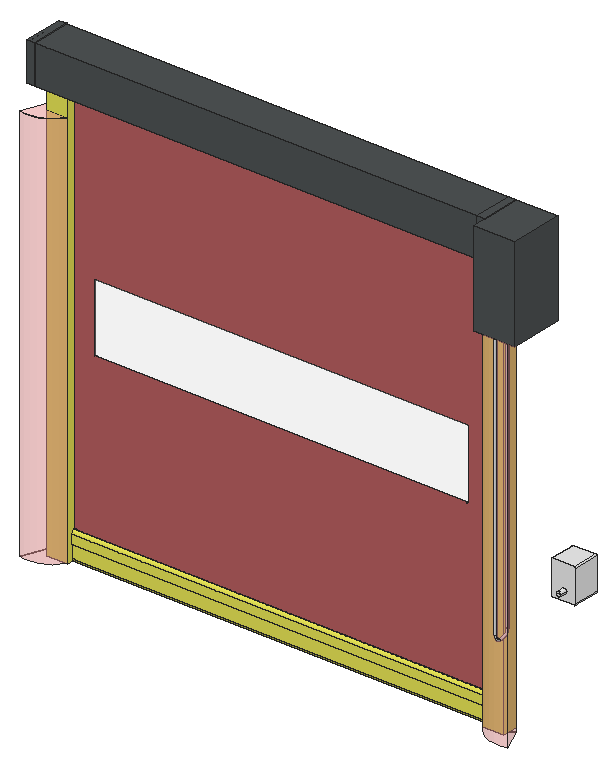
Revit family "Doors_Industrial_Wayne-Dalton_High-Speed-Interior-Fabric-Doors-Model-881-ADV-Xtreme_туц", category Specialty Equipment, host Wall, Revit 2019
Family settings
  Host = Wall
  Round Connector Dimension = Use Diameter
  Part Type = Normal
  OmniClass Number = 23.30.10.21.34
  OmniClass Title = Industrial Doors
  Always vertical = Yes
  Cut with Voids When Loaded = No
  Shared = No
  Room Calculation Point = No
Parameters (values of type "115 volts, one phase, 60 Hz (110-120V range)")
  Windows Off [instance] = not(Vision Panels)  # no
  Vision Panels [instance] = yes
  True Width [instance] = [Door Width (Real)]  # 10' - 0"
  True Height [instance] = [Door Height (Real)]  # 10' - 0"
  Three Phase Controller [instance] = not(One Phase Controller)  # no
  Rough Width [instance] = [Door Width (Real)]  # 10' - 0"
  Rough Height [instance] = [Door Height (Real)] - 0' 4 1/2"  # 9' - 7 1/2"
  Product Page URL = "https://www.wayne-dalton.com/high-speed-interior-fabric-door-881"
  Powder Coat (Note) = "Standard color for guides and bottom bar is yellow. Approximately 200 optional RAL powder coat colors are also available."  # constant formula
  Panel Material [instance] = PVC - Wayne Dalton - Red
  One Phase Controller [instance] = if(Number of Poles = 1, 1 = 1, 1 = 2)  # yes
  Motor Cover [instance] = yes
  Hood Material = Metal - Wayne Dalton - Black
  Headroom Type [instance] = if(or(Headroom Option < 1, Headroom Option = 1), "Standard Headroom", "Sloped Hood Headroom")  # "Standard Headroom"
  Headroom Height [instance] = if(or(Headroom Option < 1, Headroom Option = 1), 1' 9 1/8", 1' 11 13/16")  # 1' - 9 1/8"
  Headroom Option [instance] = 1
  External Transformer = if(or(Voltage = 208 V, Voltage = 575 V), 1 = 1, 1 = 2)  # no
  Door Width (Real) [instance] = if(Door Width > Max Door Width, Max Door Width, if(Door Width < Min Door Width, Min Door Width, Door Width))  # 10' - 0"
  Door Height (Real) [instance] = if(Door Height > Max Door Height, Max Door Height, if(Door Height < Min Door Height, Min Door Height, Door Height))  # 10' - 0"
  Voltage = 115 V
  URL = "https://www.wayne-dalton.com/"
  Product data url = "https://www.bimobject.com/wayne-dalton/product/high-speed-interior-fabric-door-881"
  Product Guid = "2aac6d0f-74a3-425d-a6a6-1033c63e4745"
  Power Factor = 1
  Number of Poles = 1
  Model = "881"  # constant formula
  Min Door Width [instance] = 4' - 0"  # constant formula
  Min Door Height [instance] = 4' - 0"  # constant formula
  Max Door Width [instance] = 14' - 0"  # constant formula
  Max Door Height [instance] = 14' - 0"  # constant formula
  Manufacturer = "Wayne Dalton"  # constant formula
  Frequency = 60 Hz  # constant formula
  Wall Closure = By host
  Floor To (CL) of Shaft [instance] = [Door Height (Real)] + 0' 5 1/2"  # 10' - 5 1/2"
  Connector Description = "Rapidflex Large Control Panel"  # constant formula
  Finish Material = Finish - Wayne Dalton - Yellow
  Door Width [instance] = 10' - 0"
  Door Height [instance] = 10' - 0"
  Description = "Wayne Dalton’s Model 881 ADV-Xtreme interior high speed fabric door is designed to be used indoors in high traffic and environmentally controlled areas. It is ideal for distribution and manufacturing facilities that require controlled environments or where there's high traffic from forklift operation. Model 881 ADV-Xtreme’s airtight design prevents airborne contaminants from entering the controlled and non-controlled environments and reduces air exchange to no higher than .236 cfm/sf (ASTM E-283). The door's strutless design lowers the operational noise of the door for quiet and smooth operation. Model 881 is capable of withstanding pressure of up to 7.5 psf, making it an excellent option to separate high and low pressure rooms in large facilities."  # constant formula
  Current = 20 A
  Clearance [instance] = yes
  Backroom Depth [instance] = 0' - 11 1/2"  # constant formula
  Apparent Load Phase 3 = if(Number of Poles = 1, 0 VA, (Voltage * Current * sqrt(3)) / 3)  # 0 VA
  Apparent Load Phase 2 = if(Number of Poles = 1, 0 VA, (Voltage * Current * sqrt(3)) / 3)  # 0 VA
  Apparent Load Phase 1 = if(Number of Poles = 1, Voltage * Current, (Voltage * Current * sqrt(3)) / 3)  # 2300 VA
Reference planes (in)
  plane 1 "Center (Front/Back)": y = 0
  plane 2 "Center (Left/Right)": x = 0
  plane 3 "Left": x = -60
  plane 4 "Right": x = 60
  plane 5 "Exterior": y = 3.00375
  plane 6 "Interior": y = -2.99625
  plane 7: x = 60
  plane 8: x = -60
  plane 9: z = 115.5
  plane 10 "Main": y = -7.11344
  plane 11: y = -14.49625
  plane 12: y = -2.99625
  plane 13: z = 47.47
  plane 14: y = -5.16813
  plane 15: y = -5.24829
  plane 16 "Main Door Block": y = -5.08796
  plane 17: z = 120
Lines and regions (in)
  Opening 1
    outline origin (-90, -2.99625, 0) x (1, 0, 0) y (0, 0, 1)
      loop
        line (30, 0) -> (150, 0) -> (150, 115.5) -> (30, 115.5) -> (30, 0)
Text (in)
  text "Exterior" at (-74.96733, 27.31104, 0), in view "Ref. Level"
  text "Interior" at (-74.96733, -25.14366, 0), in view "Ref. Level"
  text "Exterior" at (0, 40.15149, 123.01588), in view "Right"
  text "Interior" at (0, -64.39139, 123.01588), in view "Right"
  text "Interior" at (0, -31.01599, 123.00693), in view "Left"
  text "Exterior" at (0, 54.57065, 123.00693), in view "Left"
Dimensions and locks (in)
  equal spacing: plane 3 "Left", plane 2 "Center (Left/Right)", plane 4 "Right"
  "Door Width (Real)": plane 3 "Left" to plane 4 "Right"
  level to host wall = 38' - 3.59655"
  equal spacing: plane 8, plane 2 "Center (Left/Right)", plane 7
  "Rough Width": plane 7 to plane 8
  "Backroom Depth": plane 6 "Interior" to plane 11
  plane 9 to level = 9' - 7 1/2"
  locked: plane 12 to plane 10 "Main" at 4.11719
  plane 1 "Center (Front/Back)" to plane 6 "Interior" = 0' - 2.99625"
  locked: plane 14 to plane 6 "Interior" at 2.17187
  locked: plane 15 to plane 16 "Main Door Block" at 0.16033
  equal spacing: plane 15, plane 14, plane 16 "Main Door Block"
  locked: plane 17 to plane 9 at 4.5
  "Door Height (Real)": plane 17 to level
  aligned and locked: Opening 1 sketch curve to level
  aligned and locked: plane 5 "Exterior" to host wall
  aligned and locked: host wall to plane 6 "Interior"
  aligned and locked: plane 8 to Opening 1 sketch curve
  aligned and locked: plane 7 to Opening 1 sketch curve
  aligned and locked: plane 12 to plane 6 "Interior"
  aligned and locked: plane 12 to nested 1
  aligned and locked: nested 1 to plane 2 "Center (Left/Right)"
  aligned and locked: level to nested 1
  aligned and locked: Opening 1 sketch curve to plane 9
  aligned and locked: plane 16 "Main Door Block" to nested 2
  aligned and locked: plane 2 "Center (Left/Right)" to nested 2
Nested families (in)
  nested 1: "Lifts" at (0, -2.99625, 0) x (-1, 0, 0) z (0, 0, 1), Header Width <- "Backroom Depth", Motor Cover <- "Motor Cover", One Phase Controller <- "One Phase Controller", Three Phase Controller <- "Three Phase Controller", Header Option <- "Headroom Option", Headroom Height <- "Headroom Height", type "Frame Unit"
    with Three Phase Controller no, Standard Motor Housing yes, Standard Headroom Hood yes, Spool Radius 0' - 3.45", Sloped Motor RH no, Sloped Motor LH no, Sloped Motor Housing no, Sloped Headroom Hood no, Shaft Length Cut 2 0' - 7 1/2", Shaft Length Cut 1 1' - 5.38", Rod 2 no, Rod 1 no, Right Rod yes, Right Motor Position yes, One Phase Controller yes, Motor Cover Off no, Motor Cover yes, Masking Region Right Motor Three Phase no, Masking Region Right Motor no, Masking Region Left Motor Three Phase no, Masking Region Left Motor no, Left Rod no, Left Motor Position no, Headroom Offset 0' - 0", Headroom Height 1' - 9 1/8", Header Width 0' - 11 1/2", Header Option 1, Header Height 0' - 11", Guid Option 1, Floor To CL Shaft 10' - 11 1/8", Electric Operator Position 14' - 3 1/2", Clearance (Wide Guid) yes, Clearance (Slim Guid) no, CL Shaft Offset 1' - 0"
  nested 2: "Panel" at (0, -5.08796, 0), type "Panel"
Connectors (in)
  electrical at (85.75194, -10.53625, 47.99806), driven by "Number of Poles", driven by "Voltage", driven by "Apparent Load Phase 1", driven by "Power Factor", driven by "Connector Description", driven by "Apparent Load Phase 2", driven by "Apparent Load Phase 3"
    settings: on nested 1, index 1, voltage 115 V, apparent load 0 VA, apparent load phase1 2300 VA, apparent load phase2 0 VA, apparent load phase3 0 VA, power factor 1, load classification "Other", number of poles 1, system type 31, power factor state 1, is connector primary yes, connector utility no, sub classification motor no, connector description "Rapidflex Large Control Panel"
Definition of nested family "Lifts"
  Parameters (values of type "Frame Unit")
    Three Phase Controller [instance] = no
    Standard Motor Housing [instance] = if(and(Motor Cover, or(Header Option < 1, Header Option = 1)), 1 = 1, 1 = 2)  # no
    Standard Headroom Hood [instance] = if(or(Header Option < 1, Header Option = 1), 1 = 1, 1 = 2)  # no
    Spool Radius [instance] = 0' - 3.45"
    Sloped Motor RH [instance] = if(and(Right Motor Position, or(Header Option = 2, Header Option > 2)), 1 = 1, 1 = 2)  # yes
    Sloped Motor LH [instance] = if(and(Left Motor Position, or(Header Option = 2, Header Option > 2)), 1 = 1, 1 = 2)  # yes
    Sloped Motor Housing [instance] = if(and(Motor Cover, or(Header Option > 2, Header Option = 2)), 1 = 1, 1 = 2)  # yes
    Sloped Headroom Hood [instance] = if(or(Header Option > 2, Header Option = 2), 1 = 1, 1 = 2)  # yes
    Shaft Material = none
    Shaft Length Cut 2 [instance] = 0' - 7 1/2"  # constant formula
    Shaft Length Cut 1 [instance] = 1' - 5.38"  # constant formula
    Rod 2 [instance] = if(and(not(Motor Cover), Right Motor Position), 1 = 1, 1 = 2)  # no
    Rod 1 [instance] = if(and(not(Motor Cover), Left Motor Position), 1 = 1, 1 = 2)  # no
    Right Rod [instance] = if(Sloped Motor RH, 1 = 2, Right Motor Position)  # no
    Right Motor Position [instance] = yes
    Opening Width = 10' - 0"
    One Phase Controller [instance] = yes
    Naked Header = no
    Motor Cover Off [instance] = not(Motor Cover)  # no
    Motor Cover [instance] = yes
    Masking Region Right Motor Three Phase [instance] = if(and(Right Motor Position, Three Phase Controller), 1 = 1, 1 = 2)  # no
    Masking Region Right Motor [instance] = if(and(Right Motor Position, Motor Cover Off), 1 = 1, 1 = 2)  # no
    Masking Region Left Motor Three Phase [instance] = if(and(Left Motor Position, Three Phase Controller), 1 = 1, 1 = 2)  # no
    Masking Region Left Motor [instance] = if(and(Left Motor Position, Motor Cover Off), 1 = 1, 1 = 2)  # no
    Left Rod [instance] = if(Sloped Motor LH, 1 = 2, Left Motor Position)  # no
    Left Motor Position [instance] = yes
    Hood Offset (Real) = if(Hood Offset < 0' 4 1/2", 0' 4 1/2", if(Hood Offset > Opening Height / 2, Opening Height / 2, Hood Offset))  # 0' - 4 1/2"
    Hood Offset = 0' - 0"
    Hood Material = none
    Headroom Offset [instance] = if(or(Header Option < 1, Header Option = 1), 0' 0", 0' 2.69")  # 0' - 2.69"
    Headroom Height [instance] = 0' - 11"
    Header Width [instance] = 0' - 11 1/2"
    Header Option [instance] = 2
    Header Height [instance] = 0' - 11"
    Guid Width = 0' - 6"
    Guid Option [instance] = 1
    Floor To CL Shaft [instance] = Opening Height + Headroom Height - 0' 5 1/2" - Headroom Offset  # 9' - 10.31"
    External Transformer = no
    Electric Operator Position [instance] = if(Right Motor Position, (2' 1 3/4" * 2 + Opening Width), 0' 0")  # 14' - 3 1/2"
    Clearance (Wide Guid) [instance] = if(and(Clearance, or(Guid Option < 2, Guid Option = 2)), 1 < 2, 1 > 2)  # yes
    Clearance (Slim Guid) [instance] = if(and(Clearance, or(Guid Option > 3, Guid Option = 3)), 1 < 2, 1 > 2)  # no
    Clearance = yes
    Opening Height = 9' - 7 1/2"
    Finish Material = none
    CL Shaft Offset [instance] = if(or(Header Option < 1, Header Option = 1), 1' 0", 1' 4.53")  # 1' - 4.53"
    Bottom Bar = yes
    Analytic Construction = "<None>"
  Reference planes (in)
    plane 1 "Center (Front/Back)": y = 0
    plane 2: z = 0
    plane 3 "Center (Left/Right)": x = 0
    plane 4 "Left": x = -60
    plane 5 "Right": x = 60
    plane 6 "Center Line of Shaft": z = 118.31
    plane 7 "Headroom Top": z = 123.81
    plane 8 "Opening Height": z = 115.5
    plane 9: x = -77.38
    plane 10 "Shaft": x = -75.54413
    plane 11 "Box": x = -85.75
    plane 12 "EBOX": z = 48
    plane 13: z = 39.09375
    plane 14: z = 56.90625
    plane 15: z = 43.5
    plane 16: y = 7.54
    plane 17: z = 112.81
    plane 18: y = 11.5
    plane 19: x = 67.5
    plane 20: x = 66
    plane 21: x = -66
    plane 22: x = -78
    plane 23: x = -93.5
    plane 24: y = 5.75
    plane 25: y = 5.76393
    plane 26: y = 2.17
    plane 27 "Center L/MM": x = 85.75
    plane 28: z = 53
    plane 29: z = 43
    plane 30: x = -82.25
    plane 31: x = -89.25
    plane 32: y = 7.54
    plane 33 "1": z = 45.56
    plane 34 "Sloped motor LH": x = -71.125
    plane 35 "Sloped motor RH": x = 71.125
    plane 36: z = 126.5
  Forms (in)
    Extrusion 1, solid, material <- "Shaft Material"
      sketch origin (0, 0, 0) x (0, 1, 0) y (0, 0, 1)
        loop
          circle (5.75, 118.31) r 0.78
      from -77.38 to 67.5
    Extrusion 2, solid, visible <- "Three Phase Controller"
      sketch origin (-1.95651, 0, 0) x (1, 0, 0) y (0, 0, 1)
        loop
          line (-76.54349, 56.90625) -> (-91.04349, 56.90625)
          arc (-91.04349, 56.90625) -> (-91.39704, 56.7598) -> (-91.54349, 56.40625) r 0.5
          line (-91.54349, 56.40625) -> (-91.54349, 39.59375)
          arc (-91.54349, 39.59375) -> (-91.39704, 39.2402) -> (-91.04349, 39.09375) r 0.5
          line (-91.04349, 39.09375) -> (-76.54349, 39.09375)
          arc (-76.54349, 39.09375) -> (-76.18993, 39.2402) -> (-76.04349, 39.59375) r 0.5
          line (-76.04349, 39.59375) -> (-76.04349, 56.40625)
          arc (-76.04349, 56.40625) -> (-76.18993, 56.7598) -> (-76.54349, 56.90625) r 0.5
      from -7.54 to 0
    Revolve 3, solid, visible <- "Three Phase Controller"
      sketch origin (-55.03203, -180, 43.5) x (-1, 0, 0) y (0, -1, 0)
        loop
          line (27.35797, -187.54) -> (26.60797, -187.54) -> (26.75797, -189.312) -> (27.35797, -189.312) -> (27.35797, -187.54)
        axis (27.35797, -187.54) -> (27.35797, -189.312)
      angle from 0 to 360
    Extrusion 4, solid, material <- "Finish Material"
      sketch origin (0, 0, 0) x (1, 0, 0) y (0, 1, 0)
        loop
          line (-66, 0) -> (-60, 0) -> (-60, 4.4375) -> (-66, 4.4375) -> (-66, 0)
        loop
          line (66, 0) -> (66, 4.44) -> (60, 4.44) -> (60, 0) -> (66, 0)
      from 0 to 112.81
    Extrusion 5, solid, material <- "Hood Material", visible <- "Standard Headroom Hood"
      sketch origin (0, 0, 0) x (0, 1, 0) y (0, 0, 1)
        loop
          line (0, 112.81) -> (11.5, 112.81) -> (11.5, 123.81) -> (0, 123.81) -> (0, 112.81)
      from -66 to 66
    Sweep 6, solid, material <- "Hood Material"
      path origin (0, 0, 0) x (0, 1, 0) y (0, 0, 1)
        loop
          line (0, 112.81) -> (11.5, 112.81) -> (11.5, 123.81) -> (0, 123.81) -> (0, 112.81)
      profile origin (0, 0, 118.31) x (0, -1, 0) y (1, 0, 0)
        loop
          line (0, -66) -> (0, -63.8) -> (-0.284, -63.8) -> (-0.284, -66) -> (0, -66)
        loop
          line (0, 66) -> (-0.284, 66) -> (-0.284, 63.80145) -> (0, 63.80145) -> (0, 66)
    Extrusion 7, solid, material <- "Hood Material"
      sketch origin (0, 0, 0) x (1, 0, 0) y (0, 1, 0)
        loop
          line (66, 0) -> (66, 11.5) -> (65.495, 11.5) -> (65.495, 0) -> (66, 0)
        loop
          line (-66, 0) -> (-65.495, 0) -> (-65.495, 11.5) -> (-66, 11.5) -> (-66, 0)
      from 112.81 to 123.81
    Extrusion 8, solid, material <- "Hood Material"
      sketch origin (-60, -60, 48) x (0, -1, 0) y (0, 0, 1)
        loop
          circle (-65.75, 70.31) r 3.45
      from 5.18 to 4.12
    Extrusion 9, solid, visible <- "External Transformer"
      sketch origin (0, 0, 48) x (1, 0, 0) y (0, 1, 0)
        loop
          line (-92.625, 0) -> (-78.875, 0) -> (-78.875, 0.125) -> (-81.25, 0.125) -> (-81.25, 9.3125) -> (-90.25, 9.3125) -> (-90.25, 0.125) -> (-92.625, 0.125) -> (-92.625, 0)
      from -19.13 to -10
    Extrusion 10, solid, visible <- "Clearance"
      sketch origin (0, 0, 0) x (1, 0, 0) y (0, 1, 0)
        loop
          arc (-60, 4.4375) -> (-64.48189, 8.35406) -> (-70.42813, 8.61682) r 9
          line (-70.42813, 8.61682) -> (-67.62491, 1.67861) -> (-66, 2.61675) -> (-66, 4.4375) -> (-60, 4.4375)
        loop
          line (60, 4.44) -> (66, 4.44) -> (66, 2.61675) -> (67.62491, 1.67861) -> (70.42798, 8.61644)
          arc (70.42798, 8.61644) -> (64.48242, 8.35484) -> (60, 4.44) r 9
      from 0 to 115.5
    Extrusion 11, solid, material <- "Hood Material"
      sketch origin (60, 0.01393, -0.15033) x (0, -1, 0) y (0, 0, 1)
        loop
          circle (-5.75, 118.46033) r 3.45
      from -5.18313 to -4.12313
    Extrusion 12, solid, material <- "Finish Material"
      sketch origin (0, 0, 0) x (0, 1, 0) y (0, 0, 1)
        loop
          arc (3.17, 7.16) -> (2.93566, 7.83524) -> (2.33339, 8.22014) r 1.09
          arc (2.33339, 8.22014) -> (2.26394, 8.20625) -> (2.22831, 8.14505) r 0.08624
          arc (2.22831, 8.14505) -> (2.17, 7.81318) -> (2.11169, 8.14505) r 0.17106
          arc (2.11169, 8.14505) -> (2.07606, 8.20625) -> (2.00661, 8.22014) r 0.08624
          arc (2.00661, 8.22014) -> (1.40434, 7.83524) -> (1.17, 7.16) r 1.09
          line (1.17, 7.16) -> (1.17, 4.64381) -> (1.48036, 4.64381) -> (1.48036, 0.69)
          arc (1.48036, 0.69) -> (1.68233, 0.20222) -> (2.17, 0) r 0.69
          arc (2.17, 0) -> (2.65767, 0.20222) -> (2.85964, 0.69) r 0.69
          line (2.85964, 0.69) -> (2.85964, 4.64381) -> (3.17, 4.64381) -> (3.17, 7.16)
      from -60 to 60
    Extrusion 13, solid, visible <- "One Phase Controller"
      sketch origin (0, 0, 0) x (1, 0, 0) y (0, 0, 1)
        loop
          line (-82.66553, 53) -> (-88.85, 53)
          arc (-88.85, 53) -> (-89.13284, 52.88284) -> (-89.25, 52.6) r 0.4
          line (-89.25, 52.6) -> (-89.25, 43.4)
          arc (-89.25, 43.4) -> (-89.13284, 43.11716) -> (-88.85, 43) r 0.4
          line (-88.85, 43) -> (-82.65, 43)
          arc (-82.65, 43) -> (-82.36716, 43.11716) -> (-82.25, 43.4) r 0.4
          line (-82.25, 43.4) -> (-82.25, 52.58447)
          arc (-82.25, 52.58447) -> (-82.37171, 52.87829) -> (-82.66553, 53) r 0.41553
      from -7.54 to 0
    Revolve 14, solid, visible <- "One Phase Controller"
      sketch origin (0, 0, 45.56) x (-1, 0, 0) y (0, -1, 0)
        loop
          line (85.75, -9.3125) -> (85.75, -7.54) -> (85, -7.54) -> (85.15, -9.3125) -> (85.75, -9.3125)
        axis (85.75, -9.3125) -> (85.75, -7.54)
      angle from 0 to 360
    Extrusion 15, solid, material <- "Hood Material", visible <- "Sloped Headroom Hood"
      sketch origin (0, 0, 0) x (0, 1, 0) y (0, 0, 1)
        loop
          line (0, 126.4975) -> (0, 112.81) -> (11.5, 112.81) -> (11.5, 124.48734) -> (0, 126.4975)
        loop
          line (11.216, 123.526) -> (0.284, 123.526) -> (0.284, 113.094) -> (11.216, 113.094) -> (11.216, 123.526)
      from -66 to 66
  Cuts and joins
    joined: Sweep 6, Extrusion 7
  Lines and regions (in)
    Masking region 1, visible <- "Three Phase Controller"
      outline origin (0, 0, 0) x (1, 0, 0) y (0, 1, 0)
        loop
          line (-93.5, 0) -> (-78, 0) -> (-78, 7.54) -> (-93.5, 7.54) -> (-93.5, 0)
    Masking region 2, visible <- "Masking Region Right Motor Three Phase"
      outline origin (0, 0, 0) x (1, 0, 0) y (0, 1, 0)
        loop
          line (-81.64, 7.54) -> (-81.79, 9.312) -> (-82.99, 9.312) -> (-83.14, 7.54) -> (-81.64, 7.54)
    Masking region 3
      outline origin (0, 0, 0) x (1, 0, 0) y (0, 1, 0)
        loop
          line (67.5, 6.53) -> (66, 6.53) -> (66, 4.97) -> (67.5, 4.97) -> (67.5, 6.53)
    Masking region 4, visible <- "External Transformer"
      outline origin (0, 0, 0) x (1, 0, 0) y (0, 1, 0)
        loop
          line (-90.25, 7.54) -> (-81.25, 7.54) -> (-81.25, 9.3125) -> (-90.25, 9.3125) -> (-90.25, 7.54)
    Masking region 5, visible <- "Masking Region Left Motor Three Phase"
      outline origin (-205.49871, 0, 0) x (0, 1, 0) y (-1, 0, 0)
        loop
          line (7.54, -115.63871) -> (7.54, -117.13871) -> (9.312, -116.98871) -> (9.312, -115.78871) -> (7.54, -115.63871)
    Masking region 6
      outline origin (0, 0, 0) x (1, 0, 0) y (0, 1, 0)
        loop
          line (-66, 11.5) -> (-66, 0) -> (66, 0) -> (66, 11.5) -> (-66, 11.5)
    Masking region 7, visible <- "One Phase Controller"
      outline origin (0, 0, 0) x (1, 0, 0) y (0, 1, 0)
        loop
          line (-89.25, 7.54) -> (-89.25, 0) -> (-82.27704, 0) -> (-82.27704, 7.54) -> (-89.25, 7.54)
    Masking region 8, visible <- "One Phase Controller"
      outline origin (0, 0, 0) x (1, 0, 0) y (0, 1, 0)
        loop
          line (-86.35, 9.3125) -> (-86.5, 7.54) -> (-85, 7.54) -> (-85.15, 9.3125) -> (-86.35, 9.3125)
    Masking region 9, visible <- "Rod 2"
      outline origin (0, 0, 0) x (0, 1, 0) y (-1, 0, 0)
        loop
          line (6.53, 66) -> (6.53, 67.9302) -> (5.90027, 67.9302) -> (5.90027, 69.159) -> (6.53, 69.159) -> (6.53, 69.759) -> (5.40047, 69.759) -> (5.40047, 69.22902) -> (4.97, 69.22902) -> (4.97, 66) -> (6.53, 66)
        loop
          line (4.97, 77.38) -> (4.97, 74.22898) -> (5.40047, 74.22898) -> (5.40047, 73.699) -> (6.53, 73.699) -> (6.53, 77.38) -> (4.97, 77.38)
    symbolic lines
      curve 1: line (-63.8, 0, 0) -> (-63.8, 11.5, 0)
      curve 2: line (63.80145, 11.5, 0) -> (63.80145, 0, 0)
  Dimensions and locks (in)
    equal spacing: plane 4 "Left", plane 3 "Center (Left/Right)", plane 5 "Right"
    "Opening Width": plane 4 "Left" to plane 5 "Right"
    "Header Height": plane 7 "Headroom Top" to plane 17
    "Opening Height": plane 8 "Opening Height" to level
    locked: level to plane 12 "EBOX" at 48
    locked: plane 11 "Box" to Revolve 3 sketch curve at 3.36
    equal spacing: plane 14, plane 12 "EBOX", plane 13
    locked: plane 12 "EBOX" to plane 15 at 4.5
    locked: plane 13 to plane 14 at 17.8125
    locked: plane 10 "Shaft" to plane 4 "Left" at 15.54413
    plane 11 "Box" to plane 10 "Shaft" = 0' - 10.20587"
    locked: plane 16 to plane 1 "Center (Front/Back)" at 7.54
    locked: Revolve 3 sketch curve to Revolve 3 sketch curve at 0.6
    locked: Revolve 3 sketch curve to Revolve 3 sketch curve at 0.75
    locked: plane 16 to Revolve 3 sketch curve at 1.772
    "Guid Width": Extrusion 4 sketch curve to plane 4 "Left"
    locked: plane 1 "Center (Front/Back)" to Extrusion 4 sketch curve at 4.4375
    "Header Width": plane 1 "Center (Front/Back)" to Extrusion 5 sketch curve
    Extrusion 5 to plane 4 "Left" = 0' - 6"
    plane 5 "Right" to Extrusion 5 = 0' - 6"
    "Header Width": plane 1 "Center (Front/Back)" to Sweep 6 sketch curve
    "Header Width": plane 1 "Center (Front/Back)" to Extrusion 7 sketch curve  (x2)
    "Header Width": plane 1 "Center (Front/Back)" to plane 18
    plane 21 to nested 1 = 0' - 5.729"
    "Guid Width": plane 4 "Left" to plane 21
    "Guid Width": plane 5 "Right" to plane 20
    locked: Extrusion 7 sketch curve to plane 20 at 0.505
    locked: plane 21 to Extrusion 7 sketch curve at 0.505
    locked: plane 11 "Box" to plane 23 at 7.75
    locked: plane 22 to plane 11 "Box" at 7.75
    locked: Masking region 3 sketch curve to Masking region 3 sketch curve at 1.56
    locked: plane 1 "Center (Front/Back)" to Extrusion 9 sketch curve at 0.125
    locked: plane 11 "Box" to Extrusion 9 sketch curve at 4.5
    locked: Extrusion 9 sketch curve to plane 11 "Box" at 4.5
    locked: Extrusion 9 sketch curve to plane 11 "Box" at 6.875
    locked: plane 11 "Box" to Extrusion 9 sketch curve at 6.875
    plane 1 "Center (Front/Back)" to Extrusion 9 sketch curve = 0' - 9 5/16"
    locked: plane 18 to Extrusion 8 sketch curve at 5.75
    locked: plane 18 to Extrusion 1 sketch curve at 5.75
    locked: Extrusion 4 sketch curve to Extrusion 4 sketch curve at 4.44
    "Guid Width": Extrusion 4 sketch curve to Extrusion 4 sketch curve
    plane 20 to plane 21 = 11' - 0"
    locked: plane 1 "Center (Front/Back)" to Extrusion 10 sketch curve at 9  (x2)
    Sweep 6 sketch curve to Extrusion 4 = 0' - 0.284"
    locked: plane 1 "Center (Front/Back)" to plane 26 at 2.17
    "Electric Operator Position": plane 11 "Box" to plane 27 "Center L/MM"
    equal spacing: Masking region 1 sketch curve, plane 11 "Box", Masking region 1 sketch curve
    locked: Masking region 1 sketch curve to Masking region 1 sketch curve at 15.5
    "Floor To CL Shaft": plane 6 "Center Line of Shaft" to plane 2
    plane 8 "Opening Height" to level = 9' - 7 1/2"
    equal spacing: plane 29, plane 12 "EBOX", plane 28
    locked: plane 29 to plane 28 at 10
    locked: plane 1 "Center (Front/Back)" to plane 32 at 7.54
    locked: plane 32 to Revolve 14 sketch curve at 1.7725
    locked: plane 12 "EBOX" to plane 33 "1" at 2.44
    locked: plane 11 "Box" to Revolve 14 sketch curve at 0.75
    locked: plane 11 "Box" to Revolve 14 sketch curve at 0.6
    locked: Extrusion 12 sketch curve to Extrusion 12 sketch curve at 2
    equal spacing: Extrusion 12 sketch curve, plane 26, Extrusion 12 sketch curve  (x2)
    locked: Extrusion 12 sketch curve to plane 2 at 8.22233
    locked: Extrusion 12 sketch curve to Extrusion 12 sketch curve at 1.37927
    locked: Extrusion 12 sketch curve to plane 2 at 4.64381
    locked: Extrusion 12 sketch curve to plane 2 at 7.98424
    "Header Width": plane 18 to Extrusion 15 sketch curve
    equal spacing: plane 35 "Sloped motor RH", plane 3 "Center (Left/Right)", plane 34 "Sloped motor LH"
    locked: plane 4 "Left" to plane 34 "Sloped motor LH" at 11.125
    locked: Extrusion 15 sketch curve to plane 17 at 0.284
    "Shaft Length Cut 2": plane 5 "Right" to plane 19
    "Shaft Length Cut 1": plane 9 to plane 4 "Left"
    "Headroom Offset": plane 36 to plane 7 "Headroom Top"
    "Headroom Height": plane 36 to plane 8 "Opening Height"
    locked: Extrusion 15 sketch curve to plane 7 "Headroom Top" at 2.6875
    locked: Extrusion 15 sketch curve to plane 7 "Headroom Top" at 0.67734
    locked: plane 30 to plane 11 "Box" at 3.5
    locked: plane 11 "Box" to plane 31 at 3.5
    locked: plane 20 to plane 27 "Center L/MM" at 19.75
    plane 5 "Right" to plane 27 "Center L/MM" = 2' - 1 3/4"
    Masking region 9 sketch curve to Masking region 9 sketch curve to Masking region 9 sketch curve to Masking region 9 sketch curve to Masking region 9 sketch curve to Masking region 9 sketch curve to Masking region 9 sketch curve to Masking region 9 sketch curve = 0' - 1.9302" locked, 0' - 1.2288" locked, 0' - 0.07002" locked, 0' - 0.52998" locked, 0' - 3.94" locked, 0' - 0.52998" locked, 0' - 3.15102" locked
    locked: curve 2 to plane 20 at 2.19855
    locked: plane 21 to curve 1 at 2.2
    locked: Sweep 6 sketch curve to plane 20 at 2.19855
    locked: plane 21 to Sweep 6 sketch curve at 2.2
    locked: Extrusion 1 sketch curve to Extrusion 1 sketch curve (radius 0' - 0.78")
    "Spool Radius": radius of Extrusion 8 sketch curve
    "Spool Radius": radius of Extrusion 11 sketch curve
    radius of Extrusion 10 sketch curve = 0' - 9"  (x2)
    locked: Revolve 3 to Masking region 2 sketch curve (angle 85.1614°)
    locked: Masking region 2 sketch curve to Revolve 3 (angle 85.1614°)
    locked: Masking region 8 sketch curve to Revolve 14 (angle 85.1628°)
    locked: Revolve 14 to Masking region 8 sketch curve (angle 85.1628°)
    aligned and locked: plane 2 to level
    aligned and locked: plane 9 to Extrusion 1
    aligned and locked: Extrusion 2 to plane 1 "Center (Front/Back)"
    aligned and locked: Extrusion 2 sketch curve to plane 13
    aligned and locked: plane 14 to Extrusion 2 sketch curve
    aligned and locked: Revolve 3 sketch curve to Revolve 3 sketch curve
    aligned and locked: plane 16 to Revolve 3 sketch curve
    aligned and locked: plane 1 "Center (Front/Back)" to Extrusion 5 sketch curve
    aligned and locked: Extrusion 5 sketch curve to plane 7 "Headroom Top"
    aligned and locked: Extrusion 5 to plane 17
    aligned and locked: plane 17 to Extrusion 5 sketch curve
    aligned and locked: plane 17 to Extrusion 4
    aligned and locked: plane 1 "Center (Front/Back)" to Sweep 6 sketch curve
    aligned and locked: Sweep 6 sketch curve to plane 7 "Headroom Top"
    aligned and locked: Sweep 6 sketch curve to plane 17
    aligned and locked: profile plane to Sweep 6 sketch curve
    aligned and locked: Extrusion 7 sketch curve to plane 1 "Center (Front/Back)"  (x2)
    aligned and locked: plane 7 "Headroom Top" to Extrusion 7
    aligned and locked: Extrusion 7 to plane 17
    aligned and locked: Masking region 2 sketch curve to Revolve 3  (x2)
    aligned and locked: Extrusion 1 to plane 19
    aligned and locked: Extrusion 7 sketch curve to plane 21
    aligned and locked: Extrusion 7 sketch curve to plane 20
    aligned and locked: plane 22 to Extrusion 2 sketch curve
    aligned and locked: plane 23 to Extrusion 2 sketch curve
    aligned and locked: plane 19 to Masking region 3 sketch curve
    aligned and locked: plane 20 to Masking region 3 sketch curve
    aligned and locked: Masking region 3 sketch curve to Extrusion 1
    aligned and locked: Extrusion 9 sketch curve to plane 1 "Center (Front/Back)"
    aligned and locked: Extrusion 9 sketch curve to Extrusion 9 sketch curve
    aligned and locked: Masking region 4 sketch curve to Extrusion 9  (x2)
    aligned and locked: Extrusion 9 to Masking region 4 sketch curve
    aligned and locked: plane 6 "Center Line of Shaft" to Extrusion 8 sketch curve
    aligned and locked: plane 6 "Center Line of Shaft" to Extrusion 1 sketch curve
    aligned and locked: Extrusion 4 sketch curve to plane 1 "Center (Front/Back)"  (x2)
    aligned and locked: plane 20 to Extrusion 4 sketch curve
    aligned and locked: Extrusion 10 to level
    aligned and locked: cut or joined group of Sweep 6, Extrusion 7 to plane 21
    aligned and locked: cut or joined group of Sweep 6, Extrusion 7 to plane 18  (x2)
    aligned and locked: cut or joined group of Sweep 6, Extrusion 7 to plane 1 "Center (Front/Back)"
    aligned and locked: plane 1 "Center (Front/Back)" to cut or joined group of Sweep 6, Extrusion 7
    aligned and locked: plane 20 to cut or joined group of Sweep 6, Extrusion 7
    aligned and locked: Sweep 6 sketch curve to cut or joined group of Sweep 6, Extrusion 7
    aligned and locked: Extrusion 5 to plane 21
    aligned and locked: plane 20 to Extrusion 5
    aligned and locked: plane 7 "Headroom Top" to nested 1
    aligned and locked: plane 8 "Opening Height" to Extrusion 10
    aligned and locked: nested 1 to plane 21
    aligned and locked: Extrusion 12 to plane 5 "Right"
    aligned and locked: plane 4 "Left" to Extrusion 12
    aligned and locked: plane 18 to Masking region 6 sketch curve
    aligned and locked: Masking region 6 sketch curve to plane 1 "Center (Front/Back)"
    aligned and locked: Masking region 6 sketch curve to plane 21
    aligned and locked: Masking region 6 sketch curve to plane 20
    aligned and locked: nested 1 to plane 1 "Center (Front/Back)"
    aligned and locked: plane 28 to Extrusion 13 sketch curve
    aligned and locked: Extrusion 13 sketch curve to plane 29
    aligned and locked: Extrusion 13 sketch curve to plane 30
    aligned and locked: plane 1 "Center (Front/Back)" to Extrusion 13
    aligned and locked: Revolve 14 sketch curve to Revolve 14 sketch curve
    aligned and locked: Revolve 14 sketch curve to plane 32
    aligned and locked: Masking region 8 sketch curve to Revolve 14
    aligned and locked: Masking region 4 to Masking region 8 sketch curve
    aligned and locked: Extrusion 12 sketch curve to Extrusion 12 sketch curve
    aligned and locked: plane 26 to Extrusion 12 sketch curve
    aligned and locked: Extrusion 4 to Extrusion 10 sketch curve
    aligned and locked: plane 20 to Extrusion 15
    aligned and locked: Extrusion 15 to plane 21
    aligned and locked: Extrusion 15 sketch curve to plane 17
    aligned and locked: plane 6 "Center Line of Shaft" to Extrusion 11 sketch curve
    aligned and locked: plane 25 to Extrusion 11 sketch curve
    aligned and locked: Sweep 6 sketch curve to Sweep 6 sketch curve
    aligned and locked: plane 21 to Sweep 6 sketch curve
    aligned and locked: Masking region 9 sketch curve to plane 21
    aligned and locked: Extrusion 10 sketch curve to Extrusion 4
    aligned and locked: Extrusion 10 sketch curve to plane 20
    aligned and locked: plane 20 to Extrusion 10 sketch curve
    aligned and locked: Extrusion 10 sketch curve to plane 21
    aligned and locked: plane 4 "Left" to Extrusion 10 sketch curve
    aligned and locked: plane 21 to Extrusion 10 sketch curve
    aligned and locked: plane 5 "Right" to Extrusion 10 sketch curve
    aligned and locked: plane 20 to Sweep 6 sketch curve
  Automatic sketch dimensions
    Extrusion 2 sketch curve to Extrusion 2 sketch curve = 0' - 0 1/2"
    Extrusion 2 sketch curve to plane 14 = 0' - 0 1/2"
    Extrusion 2 sketch curve to plane 22 = 0' - 0 1/2"  (x2)
    Extrusion 13 sketch curve to plane 31 = 0' - 0"
    Extrusion 13 sketch curve to plane 28 = 0' - 0.4"
    Extrusion 13 sketch curve to plane 15 = 0' - 0.1"  (x2)
    Extrusion 13 sketch curve to plane 28 = 0' - 0.41553"
    Revolve 14 sketch curve to plane 11 "Box" = 0' - 0"
    Revolve 14 sketch curve to plane 32 = 0' - 0"
    Revolve 14 sketch curve to Revolve 14 sketch curve = 0' - 0"
    Masking region 9 sketch curve to plane 26 = 0' - 2.8"  (x2)
    Masking region 9 sketch curve to Masking region 9 sketch curve = 0' - 0.43047"  (x2)
    Masking region 9 sketch curve to Masking region 9 sketch curve = 0' - 0.4998"
    Masking region 9 sketch curve to Masking region 9 sketch curve = 0' - 1.56"
    Masking region 9 sketch curve to Masking region 9 sketch curve = 0' - 0.62973"
    Masking region 9 sketch curve to Masking region 9 sketch curve = 0' - 1.12953"
    plane 1 "Center (Front/Back)" to curve 2 = 0' - 0"
    curve 1 to plane 1 "Center (Front/Back)" = 0' - 0"
    plane 18 to curve 2 = 0' - 0"
    plane 18 to curve 1 = 0' - 0"
    Revolve 3 sketch curve to plane 18 = 0' - 7.38505"
    Revolve 3 sketch curve to plane 26 = 0' - 0.90036"
    Masking region 1 sketch curve to plane 1 "Center (Front/Back)" = 0' - 0"
    plane 18 to Masking region 1 sketch curve = 0' - 3.96"
    plane 11 "Box" to Masking region 2 sketch curve = 0' - 2.61"
    Masking region 2 sketch curve to Masking region 2 sketch curve = 0' - 1.2"
    Masking region 4 sketch curve to Masking region 4 sketch curve = 0' - 1.7725"
    plane 26 to Extrusion 10 sketch curve = 0' - 0.49139"  (x2)
    Extrusion 10 sketch curve to Extrusion 10 sketch curve = 0' - 0.20507"
    plane 34 "Sloped motor LH" to Extrusion 10 sketch curve = 0' - 0.69687"
    Extrusion 10 sketch curve to Extrusion 10 sketch curve = 0' - 0.20365"
    Extrusion 10 sketch curve to plane 35 "Sloped motor RH" = 0' - 0.69702"
    Extrusion 10 sketch curve to plane 26 = 0' - 0.44675"  (x2)
    Extrusion 12 sketch curve to plane 26 = 0' - 0"
    plane 26 to Extrusion 12 sketch curve = 0' - 0.14408"
    plane 26 to Extrusion 12 sketch curve = 0' - 0.09"
    plane 26 to Extrusion 12 sketch curve = 0' - 0.00036"
    Extrusion 12 sketch curve to plane 26 = 0' - 0.00036"
    Extrusion 12 sketch curve to plane 26 = 0' - 0.09"
    Extrusion 12 sketch curve to plane 26 = 0' - 0.14408"
    level to Extrusion 12 sketch curve = 0' - 0.69"
    Extrusion 12 sketch curve to Extrusion 12 sketch curve = 0' - 0 211/256"
    Extrusion 12 sketch curve to Extrusion 12 sketch curve = 0' - 0"
    Extrusion 12 sketch curve to Extrusion 12 sketch curve = 0' - 0.15185"  (x2)
    plane 26 to Extrusion 12 sketch curve = 0' - 0.05831"
    Extrusion 12 sketch curve to Extrusion 12 sketch curve = 0' - 0.08577"
    plane 18 to Masking region 5 sketch curve = 0' - 3.96"
    Masking region 5 sketch curve to Masking region 5 sketch curve = 0' - 1.772"
    Masking region 5 sketch curve to plane 11 "Box" = 0' - 2.61"
    Masking region 5 sketch curve to Masking region 5 sketch curve = 0' - 0.15"
    Masking region 5 sketch curve to Masking region 5 sketch curve = 0' - 1.2"
    Masking region 5 sketch curve to Masking region 5 sketch curve = 0' - 1 1/2"
    Masking region 7 sketch curve to plane 1 "Center (Front/Back)" = 0' - 0"
    Masking region 7 sketch curve to plane 11 "Box" = 0' - 3 1/2"
    plane 11 "Box" to Masking region 7 sketch curve = 0' - 3.47296"
    plane 18 to Masking region 7 sketch curve = 0' - 3.96"
    Masking region 8 sketch curve to plane 11 "Box" = 0' - 0 3/4"
    plane 11 "Box" to Masking region 8 sketch curve = 0' - 0.6"
    Extrusion 15 sketch curve to plane 18 = 0' - 0"
    Extrusion 15 sketch curve to plane 1 "Center (Front/Back)" = 0' - 0.284"
    plane 18 to Extrusion 15 sketch curve = 0' - 0.284"
    Extrusion 15 sketch curve to plane 7 "Headroom Top" = 0' - 0.284"
    Extrusion 4 sketch curve to plane 4 "Left" = 0' - 0"
  Nested families (in)
    nested 1: "General Motor" at (-71.729, 0.5, 118.009), visible <- "Right Motor Position", Motor Cover <- "Motor Cover", Standard Motor Hausing <- "Standard Motor Housing", Sloped Motor Housing <- "Sloped Motor Housing", type "Family2"
      with Standard Motor Hausing no, Sloped Motor Housing yes, Motor Cover Off no, Motor Cover yes
  Definition of nested family "General Motor"
    Parameters (values of type "Family2")
      Standard Motor Hausing [instance] = yes
      Sloped Motor Housing [instance] = yes
      Shaft Material = none
      Opening Height = 9' - 7 1/2"
      Motor Cover Off [instance] = not(Motor Cover)  # no
      Motor Cover [instance] = yes
      Hood Material = none
      Floor To Cl Shaft = 9' - 10.31"
      Finish Material = none
      Default Elevation = 4' - 0"
      Chain Length = CL of Shaft - 4' 0" - 1' 7.31"  # 4' - 3"
      CL of Shaft = 9' - 10.31"
      Amount of Panels = 5
    Reference planes (in)
      plane 1 "Center (Front/Back)": y = 0
      plane 2: z = 0
      plane 3 "Center (Left/Right)": x = 0
      plane 4: z = 5.335
      plane 5: z = -18.546
      plane 6: z = -17.165
      plane 7: z = -19.311
      plane 8: z = -88.31
      plane 9: x = 5.729
      plane 10: z = -5.699
      plane 11: x = -6.271
      plane 12: z = -118.31
    Forms (in)
      Revolve 1, solid, material <- "Shaft Material"
        sketch origin (0, 0, -153.29) x (0, 0, -1) y (0, -1, 0)
          loop
            line (-158.625, -8.066) -> (-134.744, -8.066) -> (-134.744, -6.99312) -> (-136.091, -6.365) -> (-138.289, -6.365) -> (-138.289, -5.714) -> (-140.769, -5.586) -> (-142.108, -5.519) -> (-146.951, -5.519) -> (-148.093, -5.704) -> (-148.349, -5.704) -> (-156.66, -5.468) -> (-158.625, -5.468) -> (-158.625, -8.066)
          axis (-134.744, -8.066) -> (-158.625, -8.066)
        angle from 0 to 360
      Extrusion 2, solid, material <- "Shaft Material"
        sketch origin (0, 0, -153.29) x (0, 0, -1) y (0, -1, 0)
          loop
            line (-142.108, -13.875) -> (-142.108, -7.875) -> (-146.951, -7.875) -> (-146.951, -13.875) -> (-142.108, -13.875)
        from -2.5 to 2.5
      Extrusion 3, solid, material <- "Shaft Material"
        sketch origin (51.311, 0, 0) x (-1, 0, 0) y (0, -1, 0)
          loop
            line (45.582, -1.755) -> (45.582, -3.496) -> (45.832, -3.496) -> (45.832, -1.82199) -> (46.73959, -0.25) -> (52.45925, -0.25) -> (52.45925, 0) -> (46.59525, 0) -> (45.582, -1.755)
        from -4.56 to 4.56
      Extrusion 4, void
        sketch origin (51.311, 0, -153.29) x (1, 0, 0) y (0, 0, 1)
          loop
            line (-48.772, 148.73) -> (-52.45925, 148.73) -> (-52.45925, 149.98) -> (-50.72525, 149.98) -> (-50.72525, 156.6) -> (-52.45925, 156.6) -> (-52.45925, 157.85) -> (-48.772, 157.85) -> (-45.582, 157.0155) -> (-45.582, 159.2655) -> (-55.082, 159.2655) -> (-55.082, 147.3145) -> (-45.582, 147.3145) -> (-45.582, 149.5645) -> (-48.772, 148.73)
        from -15.80227 to 5
      Extrusion 5, solid, material <- "Shaft Material"
        sketch origin (0, 0, -153.29) x (0, 0, -1) y (0, -1, 0)
          loop
            line (-143.525, -4.641) -> (-143.525, -1.441) -> (-148.515, -1.18157) -> (-148.84, -1.18157) -> (-148.84, -1.57157) -> (-150.11271, -1.57157) -> (-150.11271, -4.51043) -> (-148.84, -4.51043) -> (-148.84, -4.90043) -> (-148.515, -4.90043) -> (-143.525, -4.641)
        from -2.5 to 2.5
      Extrusion 6, void
        sketch origin (51.311, 0, -153.29) x (1, 0, 0) y (0, 0, 1)
          loop
            line (-48.811, 148.515) -> (-49.24757, 143.525) -> (-53.37443, 143.525) -> (-53.811, 148.515) -> (-55.811, 148.515) -> (-55.811, 142.515) -> (-46.811, 142.515) -> (-46.811, 148.515) -> (-48.811, 148.515)
        from -4.90043 to -1.18157
      Extrusion 7, solid, material <- "Shaft Material"
        sketch origin (0, 0, -153.29) x (0, 0, -1) y (0, -1, 0)
          loop
            line (-149.944, -0.25) -> (-156.636, -0.25) -> (-156.636, -9.069) -> (-149.944, -9.069) -> (-149.944, -0.25)
        from -1.97 to 1.97
      Extrusion 8, solid, material <- "Shaft Material"
        sketch origin (6.36891, 0, -153.29) x (0, 0, -1) y (0, -1, 0)
          loop
            line (-133.979, -10.6) -> (-133.979, -5.4) -> (-136.125, -5.4)
            arc (-136.125, -5.4) -> (-138.725, -8) -> (-136.125, -10.6) r 2.6
            line (-136.125, -10.6) -> (-133.979, -10.6)
        from 2.565 to 3.79891
      Extrusion 9, solid, material <- "Shaft Material"
        sketch origin (0, 0, -153.29) x (0, 0, -1) y (0, -1, 0)
          loop
            circle (-136.09491, -8.066) r 1.34
        from -2.57 to 2.565
      Sweep 10, solid, material <- "Shaft Material"
        path origin (6.36891, 0, -153.29) x (0, 0, -1) y (0, -1, 0)
          loop
            line (-133.979, -10.4375) -> (-64.98, -10.4375)
            arc (-64.98, -10.4375) -> (-62.5425, -8) -> (-64.98, -5.5625) r 2.4375
            line (-64.98, -5.5625) -> (-133.979, -5.5625)
        profile origin (6.36891, 10.4375, -53.8105) x (-1, 0, 0) y (0, -1, 0)
          loop
            circle (3.18196, 0.2675) r 0.2675
      Extrusion 11, solid, material <- "Hood Material", visible <- "Standard Motor Hausing"
        sketch origin (5.729, 1.755, 48) x (0, -1, 0) y (0, 0, 1)
          loop
            line (-13.12, -42.199) -> (-13.12, -69.324) -> (2.255, -69.324) -> (2.255, -42.199) -> (-13.12, -42.199)
        from 12 to 0
      Extrusion 12, void
        sketch origin (5.729, 1.755, 48) x (0, -1, 0) y (0, 0, 1)
          loop
            line (-2.645, -65.432) -> (-2.645, -44.63) -> (-9.977, -44.63) -> (-9.977, -65.432) -> (-2.645, -65.432)
        from 1.92509 to 8.35492
      Extrusion 13, solid, material <- "Hood Material", visible <- "Sloped Motor Housing"
        sketch origin (0, 0, 0) x (0, 1, 0) y (0, 0, 1)
          loop
            line (14.875, -21.324) -> (14.875, 5.801) -> (-0.5, 8.4885) -> (-0.5, -18.6365) -> (14.875, -21.324)
        from -6.271 to 5.729
    Cuts and joins
      Extrusion 4 cuts Extrusion 3
      Extrusion 6 cuts Extrusion 5
      Extrusion 12 cuts Extrusion 11
    Lines and regions (in)
      Masking region 1, visible <- "Motor Cover Off"
        outline origin (0, 0, 0) x (1, 0, 0) y (0, 1, 0)
          loop
            line (-2.5, 13.875) -> (-2.5, 9.406) -> (-2.565, 9.406) -> (-2.565, 6.726) -> (-2.22576, 6.726)
            arc (-2.22576, 6.726) -> (-2.10532, 6.54376) -> (-1.97, 6.37228) r 2.598
            line (-1.97, 6.37228) -> (-1.97, 4.90043) -> (-2.5, 4.90043) -> (-2.5, 1.18157) -> (-1.97, 1.18157) -> (-1.97, 0.25881) -> (1.97, 0.25881) -> (1.97, 1.18157) -> (2.5, 1.18157) -> (2.5, 4.90043) -> (1.97, 4.90043) -> (1.97, 6.37228)
            arc (1.97, 6.37228) -> (2.10532, 6.54376) -> (2.22576, 6.726) r 2.598
            line (2.22576, 6.726) -> (2.565, 6.726) -> (2.565, 5.4) -> (3.79891, 5.4) -> (3.79891, 10.6) -> (2.565, 10.6) -> (2.565, 9.406) -> (2.5, 9.406) -> (2.5, 13.875) -> (-2.5, 13.875)
          loop
            line (5.479, 3.496) -> (5.479, 1.82199) -> (4.57141, 0.25) -> (-1.14825, 0.25) -> (-1.14825, 0) -> (4.71575, 0) -> (5.729, 1.755) -> (5.729, 3.496) -> (5.479, 3.496)
      Masking region 2, visible <- "Motor Cover Off"
        outline origin (0, 0, 0) x (1, 0, 0) y (0, 1, 0)
          loop
            circle (0, 8.066) r 2.598
          loop
            line (-2.5, 4.90043) -> (-2.5, 4.51043) -> (-1.97, 4.51043) -> (-1.97, 4.90043) -> (-2.5, 4.90043)
          loop
            line (-2.5, 1.57157) -> (-2.5, 1.18157) -> (-1.97, 1.18157) -> (-1.97, 1.57157) -> (-2.5, 1.57157)
          loop
            line (1.97, 1.57157) -> (1.97, 1.18157) -> (2.5, 1.18157) -> (2.5, 1.57157) -> (1.97, 1.57157)
          loop
            line (1.97, 4.90043) -> (1.97, 4.51043) -> (2.5, 4.51043) -> (2.5, 4.90043) -> (1.97, 4.90043)
      Masking region 3, visible <- "Motor Cover"
        outline origin (0, 0, 0) x (1, 0, 0) y (0, 1, 0)
          loop
            line (5.729, 14.875) -> (-6.271, 14.875) -> (-6.271, -0.5) -> (5.729, -0.5) -> (5.729, 14.875)
      symbolic lines, visible <- "Motor Cover Off"
        curve 1: line (-1.97, 6.37228, 0) -> (-1.97, 0.626, 0)
        curve 2: line (1.97, 6.37228, 0) -> (1.97, 0.626, 0)
        curve 3: line (2.5, 13.875, 0) -> (2.5, 8.77283, 0)
        curve 4: line (2.57, 7.6856, 0) -> (2.57, 5.4, 0)
        curve 5: line (2.565, 9.406, 0) -> (2.565, 8.47877, 0)
        curve 6: line (-2.5, 9.406, 0) -> (-2.5, 8.77283, 0)
    Dimensions and locks (in)
      locked: plane 4 to plane 5 at 23.881
      locked: Extrusion 7 sketch curve to Extrusion 7 sketch curve at 8.819
      locked: Extrusion 8 sketch curve to plane 6 at 2.146
      locked: level to plane 7 at 19.311
      locked: plane 3 "Center (Left/Right)" to plane 9 at 5.729
      Extrusion 11 sketch curve to Extrusion 11 sketch curve = 1' - 3 3/8"
      locked: Extrusion 11 sketch curve to plane 1 "Center (Front/Back)" at 0.5
      locked: plane 1 "Center (Front/Back)" to Extrusion 12 sketch curve at 4.4
      locked: plane 1 "Center (Front/Back)" to Extrusion 12 sketch curve at 11.732
      locked: Extrusion 12 sketch curve to level at 3.37
      locked: level to Extrusion 12 sketch curve at 17.432
      Extrusion 11 sketch curve to Extrusion 11 sketch curve = 2' - 3 1/8"
      plane 11 to plane 9 = 1' - 0"
      locked: plane 2 to Extrusion 13 sketch curve at 21.324
      locked: plane 1 "Center (Front/Back)" to Extrusion 13 sketch curve at 0.5
      locked: cut or joined group of Extrusion 11, Extrusion 12 to Extrusion 13 sketch curve at 15.375
      locked: Extrusion 13 sketch curve to Extrusion 13 sketch curve at 27.125
      locked: plane 8 to plane 12 at 30
      "Floor To Cl Shaft": level to plane 12
      aligned and locked: plane 2 to level
      aligned and locked: Revolve 1 sketch curve to plane 4
      aligned and locked: plane 5 to Revolve 1 sketch curve
      aligned and locked: plane 4 to Revolve 1 sketch curve
      aligned and locked: Revolve 1 sketch curve to Revolve 1 sketch curve
      aligned and locked: plane 7 to Sweep 10 sketch curve  (x2)
      aligned and locked: plane 8 to Sweep 10 sketch curve  (x2)
      aligned and locked: Extrusion 11 to plane 9
      aligned and locked: plane 11 to cut or joined group of Extrusion 11, Extrusion 12
      aligned and locked: cut or joined group of Extrusion 11, Extrusion 12 to Masking region 3 sketch curve
      aligned and locked: plane 11 to Masking region 3 sketch curve
      aligned and locked: plane 9 to Masking region 3 sketch curve
      aligned and locked: Masking region 3 sketch curve to cut or joined group of Extrusion 11, Extrusion 12
      aligned and locked: Extrusion 13 to plane 9
      aligned and locked: plane 11 to Extrusion 13
    Automatic sketch dimensions
      Revolve 1 sketch curve to plane 5 = 0' - 0"
      Revolve 1 sketch curve to plane 4 = 0' - 1.965"
      Revolve 1 sketch curve to level = 0' - 4.941"
      Revolve 1 sketch curve to Revolve 1 sketch curve = 0' - 0.256"
      Revolve 1 sketch curve to Revolve 1 sketch curve = 0' - 1.142"
      Revolve 1 sketch curve to Revolve 1 sketch curve = 0' - 4.843"
      Revolve 1 sketch curve to Revolve 1 sketch curve = 0' - 1.339"
      Revolve 1 sketch curve to Revolve 1 sketch curve = 0' - 2.48"
      plane 5 to Revolve 1 sketch curve = 0' - 1.347"
      Revolve 1 sketch curve to plane 1 "Center (Front/Back)" = 0' - 8.066"
      Revolve 1 sketch curve to Revolve 1 sketch curve = 0' - 1.07288"
      Revolve 1 sketch curve to Revolve 1 sketch curve = 0' - 0.62812"
      Revolve 1 sketch curve to Revolve 1 sketch curve = 0' - 0.651"
      Revolve 1 sketch curve to plane 1 "Center (Front/Back)" = 0' - 5.704"
      Revolve 1 sketch curve to Revolve 1 sketch curve = 0' - 0.128"
      Revolve 1 sketch curve to Revolve 1 sketch curve = 0' - 0.067"
      Revolve 1 sketch curve to Revolve 1 sketch curve = 0' - 2.598"
      Extrusion 2 sketch curve to level = 0' - 6.339"
      Extrusion 2 sketch curve to Extrusion 2 sketch curve = 0' - 4.843"
      Extrusion 2 sketch curve to plane 1 "Center (Front/Back)" = 1' - 1 7/8"
      Extrusion 2 sketch curve to Extrusion 2 sketch curve = 0' - 6"
      plane 1 "Center (Front/Back)" to Extrusion 3 sketch curve = 0' - 0"
      Extrusion 3 sketch curve to plane 1 "Center (Front/Back)" = 0' - 1.755"
      plane 3 "Center (Left/Right)" to Extrusion 3 sketch curve = 0' - 5.729"
      Extrusion 3 sketch curve to Extrusion 3 sketch curve = 0' - 0 1/4"  (x2)
      Extrusion 3 sketch curve to Extrusion 3 sketch curve = 0' - 0.76325"
      Extrusion 3 sketch curve to Extrusion 3 sketch curve = 0' - 0.14434"
      Extrusion 3 sketch curve to plane 3 "Center (Left/Right)" = 0' - 1.14825"
      Extrusion 3 sketch curve to Extrusion 3 sketch curve = 0' - 0.06699"
      Extrusion 3 sketch curve to Extrusion 3 sketch curve = 0' - 1.67401"
      Extrusion 4 sketch curve to plane 3 "Center (Left/Right)" = 0' - 3.771"
      Extrusion 4 sketch curve to plane 3 "Center (Left/Right)" = 0' - 1.14825"  (x2)
      plane 3 "Center (Left/Right)" to Extrusion 4 sketch curve = 0' - 0.58575"
      Extrusion 4 sketch curve to Extrusion 4 sketch curve = 0' - 1.95325"  (x2)
      Extrusion 4 sketch curve to Extrusion 4 sketch curve = 0' - 3.19"  (x2)
      Extrusion 4 sketch curve to level = 0' - 5.9755"
      Extrusion 4 sketch curve to Extrusion 4 sketch curve = 0' - 1.4155"
      Extrusion 4 sketch curve to Extrusion 4 sketch curve = 0' - 2 1/4"  (x2)
      Extrusion 4 sketch curve to Extrusion 4 sketch curve = 0' - 1 1/4"  (x2)
      level to Extrusion 4 sketch curve = 0' - 3.31"
      level to Extrusion 4 sketch curve = 0' - 3.7255"
      Extrusion 5 sketch curve to level = 0' - 3.17729"
      Extrusion 5 sketch curve to Extrusion 5 sketch curve = 0' - 1.27271"  (x2)
      Extrusion 5 sketch curve to plane 1 "Center (Front/Back)" = 0' - 1.18157"
      Extrusion 5 sketch curve to Extrusion 5 sketch curve = 0' - 0.325"  (x2)
      Extrusion 5 sketch curve to plane 1 "Center (Front/Back)" = 0' - 1.441"
      Extrusion 5 sketch curve to Extrusion 5 sketch curve = 0' - 4.99"
      Extrusion 5 sketch curve to Extrusion 5 sketch curve = 0' - 0.39"  (x2)
      Extrusion 5 sketch curve to Extrusion 5 sketch curve = 0' - 2.93885"
      Extrusion 5 sketch curve to Extrusion 5 sketch curve = 0' - 3.2"
      Extrusion 6 sketch curve to plane 3 "Center (Left/Right)" = 0' - 4 1/2"
      Extrusion 6 sketch curve to Extrusion 6 sketch curve = 0' - 2"
      Extrusion 6 sketch curve to plane 3 "Center (Left/Right)" = 0' - 2.06343"
      plane 3 "Center (Left/Right)" to Extrusion 6 sketch curve = 0' - 2.06343"
      plane 3 "Center (Left/Right)" to Extrusion 6 sketch curve = 0' - 2 1/2"
      Extrusion 6 sketch curve to Extrusion 6 sketch curve = 0' - 2.43657"
      Extrusion 6 sketch curve to level = 0' - 10.775"
      Extrusion 6 sketch curve to Extrusion 6 sketch curve = 0' - 1.01"
      Extrusion 6 sketch curve to level = 0' - 4.775"  (x2)
      Extrusion 7 sketch curve to plane 1 "Center (Front/Back)" = 0' - 0 1/4"
      level to Extrusion 7 sketch curve = 0' - 3.346"
      Extrusion 7 sketch curve to level = 0' - 3.346"
      Extrusion 8 sketch curve to plane 6 = 0' - 0"
      Extrusion 8 sketch curve to plane 1 "Center (Front/Back)" = 0' - 10.6"
      Extrusion 8 sketch curve to Extrusion 8 sketch curve = 0' - 2.6"
      Extrusion 9 sketch curve to plane 1 "Center (Front/Back)" = 0' - 8.066"
      Extrusion 9 sketch curve to level = 1' - 5.19509"
      Sweep 10 sketch curve to profile plane = 0' - 0.2675"
      profile plane to Sweep 10 sketch curve = 0' - 3.18196"
      Masking region 2 sketch curve to plane 3 "Center (Left/Right)" = 0' - 0"
      Masking region 2 sketch curve to plane 3 "Center (Left/Right)" = 0' - 1.97"  (x2)
      Masking region 2 sketch curve to Masking region 2 sketch curve = 0' - 0.53"  (x4)
      plane 3 "Center (Left/Right)" to Masking region 2 sketch curve = 0' - 1.97"  (x2)
      Masking region 2 sketch curve to plane 1 "Center (Front/Back)" = 0' - 1.18157"  (x2)
      Masking region 2 sketch curve to Masking region 2 sketch curve = 0' - 0.39"  (x4)
      Masking region 2 sketch curve to Masking region 2 sketch curve = 0' - 2.93885"  (x2)
      Masking region 2 sketch curve to Masking region 2 sketch curve = 0' - 3.16557"
      Masking region 1 sketch curve to Masking region 1 sketch curve = 0' - 0"  (x2)
      plane 1 "Center (Front/Back)" to Masking region 1 sketch curve = 0' - 0"
      Masking region 1 sketch curve to plane 3 "Center (Left/Right)" = 0' - 0"
      Masking region 1 sketch curve to plane 1 "Center (Front/Back)" = 0' - 0 1/4"
      Masking region 1 sketch curve to plane 3 "Center (Left/Right)" = 0' - 1.14825"
      Masking region 1 sketch curve to plane 3 "Center (Left/Right)" = 0' - 1.97"
      Masking region 1 sketch curve to Masking region 1 sketch curve = 0' - 0.82175"
      Masking region 1 sketch curve to Masking region 1 sketch curve = 0' - 0.25576"  (x2)
      Masking region 1 sketch curve to Masking region 1 sketch curve = 0' - 0.53"  (x2)
      Masking region 1 sketch curve to plane 3 "Center (Left/Right)" = 0' - 2 1/2"
      plane 3 "Center (Left/Right)" to Masking region 1 sketch curve = 0' - 1.97"  (x2)
      plane 3 "Center (Left/Right)" to Masking region 1 sketch curve = 0' - 2 1/2"
      Masking region 1 sketch curve to Masking region 1 sketch curve = 0' - 0.33924"  (x2)
      Masking region 1 sketch curve to Masking region 1 sketch curve = 0' - 0.065"
      Masking region 1 sketch curve to Masking region 1 sketch curve = 0' - 1.23391"
      Masking region 1 sketch curve to Masking region 1 sketch curve = 0' - 2.07141"
      Masking region 1 sketch curve to Masking region 1 sketch curve = 0' - 0.14434"
      Masking region 1 sketch curve to Masking region 1 sketch curve = 0' - 1.68009"
      Masking region 1 sketch curve to Masking region 1 sketch curve = 0' - 0 1/4"
      Masking region 1 sketch curve to plane 1 "Center (Front/Back)" = 0' - 0.25881"
      Masking region 1 sketch curve to Masking region 1 sketch curve = 0' - 0.92276"  (x2)
      Masking region 1 sketch curve to plane 1 "Center (Front/Back)" = 0' - 1.755"
      Masking region 1 sketch curve to Masking region 1 sketch curve = 0' - 0.06699"
      Masking region 1 sketch curve to Masking region 1 sketch curve = 0' - 1.67401"
      Masking region 1 sketch curve to Masking region 1 sketch curve = 0' - 3.71885"  (x2)
      Masking region 1 sketch curve to Masking region 1 sketch curve = 0' - 0.49957"
      Masking region 1 sketch curve to Masking region 1 sketch curve = 0' - 0.97228"
      Masking region 1 sketch curve to Masking region 1 sketch curve = 0' - 1.47185"
      Masking region 1 sketch curve to Masking region 1 sketch curve = 0' - 0.35372"
      Masking region 1 sketch curve to Masking region 1 sketch curve = 0' - 2.68"  (x2)
      Masking region 1 sketch curve to Masking region 1 sketch curve = 0' - 1.194"
      Masking region 1 sketch curve to Masking region 1 sketch curve = 0' - 4.469"
      curve 6 to plane 3 "Center (Left/Right)" = 0' - 2 1/2"
      curve 1 to plane 1 "Center (Front/Back)" = 0' - 0.626"
      curve 1 to plane 3 "Center (Left/Right)" = 0' - 1.97"
      curve 2 to plane 1 "Center (Front/Back)" = 0' - 0.626"
      plane 3 "Center (Left/Right)" to curve 2 = 0' - 1.97"
      curve 2 to curve 3 = 0' - 0.53"
      curve 3 to curve 5 = 0' - 0.065"
      curve 5 to curve 4 = 0' - 0.005"
      curve 2 to curve 4 = 0' - 4.774"
      curve 4 to curve 2 = 0' - 0.97228"
      curve 1 to curve 2 = 0' - 0"
      curve 2 to curve 4 = 0' - 1.31333"
      curve 4 to curve 5 = 0' - 0.79317"
      curve 1 to curve 6 = 0' - 2.40055"
      curve 5 to curve 3 = 0' - 0.29406"
      curve 6 to curve 6 = 0' - 0.63317"
      curve 3 to curve 5 = 0' - 0.63317"
      curve 5 to curve 3 = 0' - 4.469"
      Extrusion 11 sketch curve to plane 10 = 1' - 3 5/8"
      plane 1 "Center (Front/Back)" to Masking region 3 sketch curve = 0' - 0 1/2"
      Extrusion 13 sketch curve to plane 1 "Center (Front/Back)" = 1' - 2 7/8"
      Extrusion 13 sketch curve to Extrusion 13 sketch curve = 0' - 2 11/16"
      level to Extrusion 13 sketch curve = 0' - 5.801"
      Sweep 10 sketch curve to plane 1 "Center (Front/Back)" = 0' - 10 7/16"
      Sweep 10 sketch curve to Sweep 10 sketch curve = 0' - 2 7/16"
      radius of Extrusion 9 sketch curve = 0' - 1.34"
      radius of Sweep 10 sketch curve = 0' - 0.2675"
      radius of Masking region 2 sketch curve = 0' - 2.598"
Definition of nested family "Panel"
  Parameters (values of type "Panel")
    Window Width = (Width - 0' 10" * (Dop Array Count) - 0' 6" * 2) / Array Count  # 9' - 0"
    Window Thickness = 0' - 0.16"  # constant formula
    Window Material = none
    Window Height = 1' - 8"
    Width = 10' - 0"
    VP = yes
    Panel Material = none
    No VP = not(VP)  # no
    New Offset = if(Height Real < 4' 7" + Window Height + 0' 1", Height Real - Window Height - 0' 1", 4' 7")  # 4' - 7"
    Negative Window Thickness = -Window Thickness  # -0' - 0.16"
    Many Window = if(No VP, 1 = 2, not([1 Window]))  # no
    Hood Offset = 0' 6 1/2" - 0' 0.88"  # 0' - 5.62"
    Height Real = Height + Hood Offset  # 10' - 5.62"
    Height = 10' - 0"
    Headroom Option = 1
    Finish Material = none
    Dop Array Count = Array Count - 1  # 0
    Default Elevation = 4' - 0"
    Array Count Real = if(Array Count = 1, 2, Array Count)  # 2
    Array Count = if(or(Width < 10' 0", Width = 10' 0"), 1, 2)  # 1
    1 Window Offset = if(Array Count = 3, Width / 2, 0' 6" + (Window Width / 2))  # 5' - 0"
    1 Window = if(No VP, 1 = 2, if(Array Count = 1, 1 = 1, 1 = 2))  # yes
  Reference planes (in)
    plane 1 "Center (Front/Back)": y = 0
    plane 2: z = 0
    plane 3 "Center (Left/Right)": x = 0
    plane 4: z = 125.62
    plane 5: x = -60
    plane 6: x = 60
    plane 7: x = -66
    plane 8: x = 66
    plane 9: x = -54
    plane 10: x = 54
    plane 11: z = 55
    plane 12: z = 75
    plane 13: x = -8
    plane 14: x = 0
    plane 15: z = 65
